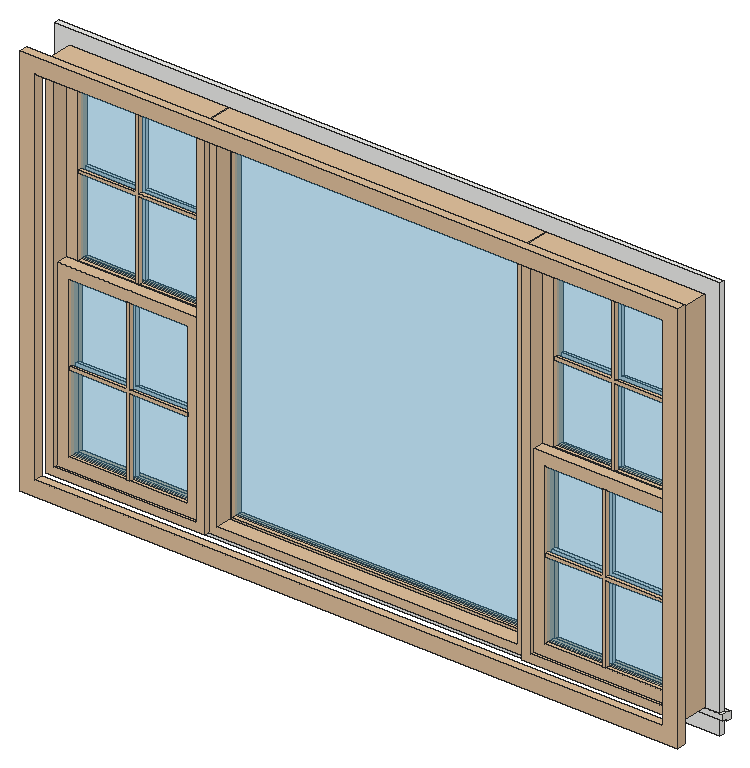
Revit family "Existing Living Room Front Window", category Windows, host Wall, Revit 2021
Family settings
  Host = Wall
  Always vertical = Yes
  Cut with Voids When Loaded = No
  Shared = No
  Room Calculation Point = No
Parameters (values of type "(2) 2'-0" x 4'-8" DH + 4'-0" x 4'-8" FX")
  Window Inset = 0' - 0 3/4"
  Top Muntin Visibility = yes
  Side Window Width = 2' - 0"
  Side Window Location = Middle Window Width / 2  # 2' - 0"
  Sash Material = Sash
  Rough Width = 0' - 0"
  Rough Height = 0' - 0"
  Interior Trim Visibility [instance] = yes
  Interior Trim = Trim-Window-Interior-Flat : Picture Frame
  Fixed Muntin Visibility = no
  Middle Window Width = 4' - 0"
  Interior Trim Material = Wood - Stained
  Interior Frame Material = Wood - Stained
  Height = 4' - 8"
  Glass Pane Material = Glass
  Exterior Trim Visibility [instance] = yes
  Exterior Trim Material = Clad - White
  Exterior Trim = Trim-Window-Exterior-Flat : with Sill
  Exterior Frame Material = Clad - White
  Define Thermal Properties by = Schematic Type
  Default Sill Height = 3' - 0"
  Wall Closure = By host
  Width = (Side Window Width * 2) + Middle Window Width  # 8' - 0"
  Bottom Muntin Visibility = yes
  Analytic Construction = "<None>"
Reference planes (in)
  plane 1 "Center (Front/Back)": y = 0
  plane 2: z = 0
  plane 3 "Center (Left/Right)": x = 0
  plane 4 "Left": x = -48
  plane 5 "Right": x = 48
  plane 6 "Sill": z = 36
  plane 7 "Top": z = 92
Text (in)
  text "EXTERIOR" at (-58.6888, 50.90694, 0), in view "Ref. Level"
  text "INTERIOR" at (-58.6888, -37.76638, 0), in view "Ref. Level"
  text "Exterior" at (0, 43.65631, 123.19604), in view "Left"
  text "Exterior" at (0, 18.29385, 125.04747), in view "Right"
Dimensions and locks (in)
  "Height": plane 6 "Sill" to plane 7 "Top"
  "Default Sill Height": plane 2 to plane 6 "Sill"
  equal spacing: plane 4 "Left", plane 3 "Center (Left/Right)", plane 5 "Right"
  "Width": plane 4 "Left" to plane 5 "Right"
  plane 4 "Left" to plane 5 "Right" = 8' - 0"
  "Side Window Location": nested 5 to plane 3 "Center (Left/Right)"
  "Side Window Location": plane 3 "Center (Left/Right)" to nested 2
  aligned and locked: plane 7 "Top" to nested 8
  aligned and locked: plane 7 "Top" to nested 9
  aligned and locked: plane 3 "Center (Left/Right)" to nested 9
  aligned and locked: nested 8 to plane 3 "Center (Left/Right)"
Nested families (in)
  nested 1: "Window-Fixed" at (0, 0, 0) x (-1, 0, 0) z (0, 0, 1), type "Standard"
    with Window Inset 0' - 0", Interior Wall Closure 0' - 2 1/4", Interior Trim Visibility no, Frame Extension 0' - 0 1/4", Exterior Wall Closure 0' - 1 1/4", Exterior Trim Visibility no, Rough Width 4' - 0 1/2", Rough Height 4' - 8 1/2", Muntin Visibility no, Height 4' - 8", Extension Jamb Visibility no, Width 4' - 0"
  nested 2: "Window-Double-Hung" at (36, 0, 0) x (-1, 0, 0) z (0, 0, 1), type "Standard"
    with Window Inset 0' - 0", Interior Wall Closure 0' - 1 1/2", Interior Trim Visibility no, Indicator Visibility yes, Frame Extension 0' - 1 1/4", Exterior Wall Closure 0' - 0 1/2", Exterior Trim Visibility no, Muntin Width 1' - 6", Muntin Height 2' - 0 1/8", Rough Width 2' - 0 1/2", Rough Height 4' - 8 1/2", Extension Jamb Visibility no, Height 4' - 8", Width 2' - 0"
  nested 3: "Muntin Pattern_2x2" at (36, 1.625, 64.875) x (-1, 0, 0) z (0, 0, 1), type "Muntin Pattern_2x2"
    with Width 1' - 6", Interior Material Wood - Stained, Height 2' - 0 1/8", Exterior Material Clad - White
  nested 4: "Muntin Pattern_2x2" at (36, -0.125, 39) x (-1, 0, 0) z (0, 0, 1), type "Muntin Pattern_2x2"
    with Width 1' - 6", Interior Material Wood - Stained, Height 2' - 0 1/8", Exterior Material Clad - White
  nested 5: "Window-Double-Hung" at (-36, 0, 0) x (-1, 0, 0) z (0, 0, 1), type "Standard"
    with Window Inset 0' - 0", Interior Wall Closure 0' - 1 1/2", Interior Trim Visibility no, Indicator Visibility yes, Frame Extension 0' - 1 1/4", Exterior Wall Closure 0' - 0 1/2", Exterior Trim Visibility no, Muntin Width 1' - 6", Muntin Height 2' - 0 1/8", Rough Width 2' - 0 1/2", Rough Height 4' - 8 1/2", Extension Jamb Visibility no, Height 4' - 8", Width 2' - 0"
  nested 6: "Muntin Pattern_2x2" at (-36, 1.625, 64.875) x (-1, 0, 0) z (0, 0, 1), type "Muntin Pattern_2x2"
    with Width 1' - 6", Interior Material Wood - Stained, Height 2' - 0 1/8", Exterior Material Clad - White
  nested 7: "Muntin Pattern_2x2" at (-36, -0.125, 39) x (-1, 0, 0) z (0, 0, 1), type "Muntin Pattern_2x2"
    with Width 1' - 6", Interior Material Wood - Stained, Height 2' - 0 1/8", Exterior Material Clad - White
  nested 8: "Trim-Window-Exterior-Flat" at (0, 3, 92) x (-1, 0, 0) z (0, 1, 0), visible <- "Exterior Trim Visibility", Trim Material <- "Exterior Trim Material", Opening Width <- "Width", Opening Height <- "Height", type <- "Exterior Trim", type "with Sill"
    with Trim Material Clad - White, Opening Width 8' - 0", Opening Height 4' - 8"
  nested 9: "Trim-Window-Interior-Flat" at (0, -3, 92) x (1, 0, 0) z (0, -1, 0), visible <- "Interior Trim Visibility", Trim Material <- "Interior Trim Material", Opening Width <- "Width", Opening Height <- "Height", type <- "Interior Trim", type "Picture Frame"
    with Trim Material Wood - Stained, Opening Width 8' - 0", Opening Height 4' - 8"
Definition of nested family "Window-Fixed"
  Parameters (values of type "24" x 36"")
    Window Inset [instance] = 0' - 0"
    Wall Thickness [instance] = 0' - 6"
    Visual Light Transmittance = 0.81
    Thermal Resistance (R) = 1.8146 (h·ft²·°F)/BTU
    Solar Heat Gain Coefficient = 0.76
    Rough Width = Width + 0' 0 1/2"  # 2' - 0 1/2"
    Rough Height = Height + 0' 0 1/2"  # 3' - 0 1/2"
    Muntin Visibility = yes
    Muntin Pattern = Muntin Pattern_2x2 : Muntin Pattern_2x2
    Interior Wall Closure [instance] = 0' - 2 1/4"
    Interior Trim Visibility [instance] = yes
    Interior Trim Material = none
    Interior Trim = Trim-Window-Interior-Flat : Picture Frame
    Height = 3' - 0"
    Interior Frame Material = none
    Heat Transfer Coefficient (U) = 0.5511 BTU/(h·ft²·°F)
    Glass Panel Material = none
    Frame Extension [instance] = if(Exterior Trim Visibility, Window Inset + 0' 0 1/4", 0' 0 1/4")  # 0' - 0 1/4"
    Fire Rating = "0.5h"
    Exterior Wall Closure [instance] = 0' - 1 1/4"
    Exterior Trim Visibility [instance] = yes
    Exterior Trim Material = none
    Exterior Trim = Trim-Window-Exterior-Flat : with Sill
    Exterior Frame Material = none
    Extension Jamb Visibility [instance] = and(Interior Trim Visibility, Wall Thickness - Window Inset > 0' 3 3/4")  # yes
    Extension Jamb [instance] = if(Wall Thickness - Window Inset > 0' 3 3/4", Wall Thickness - Window Inset - 0' 3 3/4", 0' 1")  # 0' - 2 1/4"
    Default Sill Height = 3' - 0"
    Wall Closure = (empty or 0)
    Width = 2' - 0"
    Assembly Code = "B2020100"
    Analytic Construction = "Double glazing - domestic"
  Reference planes (in)
    plane 1 "Center (Front/Back)": y = 0
    plane 2: z = 0
    plane 3 "Center (Left/Right)": x = 0
    plane 4 "Left": x = -12
    plane 5 "Right": x = 12
    plane 6 "Sill": z = 36
    plane 7 "Top": z = 72
    plane 8 "Inset Face": y = 3
    plane 9 "Wall Closure": y = -0.75
    plane 10 "Sash Face": y = 3.5
    plane 11 "Exterior": y = 3
    plane 12: x = 11.5
    plane 13: x = -11.5
    plane 14: z = 71.5
    plane 15: z = 36.5
    plane 16: y = 2.25
    plane 17 "Glass": y = 2.625
    plane 18: y = 3.75
    plane 19: y = 3.75
    plane 20 "Interior": y = -3
    plane 21 "Jamb": y = -0.75
    plane 22 "Middle": z = 54
    plane 23: z = 54
    plane 24: x = 10.75
    plane 25: x = 10.5
    plane 26: x = -10.5
    plane 27: x = 10.5
    plane 28: z = 70.5
    plane 29: z = 37.5
    plane 30: y = -0.75
    plane 31: y = 1.75
    plane 32: y = 3.75
  Forms (in)
    Sweep 1, solid, material <- "Interior Frame Material"
      path origin (0, 3.5, 0) x (-1, 0, 0) y (0, 0, 1)
        loop
          line (-12, 36) -> (12, 36) -> (12, 72) -> (-12, 72) -> (-12, 36)
      profile origin (12, 3.5, 54) x (1, 0, 0) y (0, 1, 0)
        loop
          line (0, 0.25) -> (-0.5, 0.25) -> (-0.5, -1.75) -> (-1.25, -1.75) -> (-1.25, -4.25) -> (0, -4.25) -> (0, 0.25)
    Extrusion 2, solid, material <- "Interior Frame Material", visible <- "Extension Jamb Visibility"
      sketch origin (0, 0, 0) x (1, 0, 0) y (0, 0, 1)
        loop
          line (12, 72) -> (-12, 72) -> (-12, 36) -> (12, 36) -> (12, 72)
        loop
          line (11.5, 36.5) -> (11.5, 71.5) -> (-11.5, 71.5) -> (-11.5, 36.5) -> (11.5, 36.5)
      from 0.75 to 3
    Sweep 3, solid, material <- "Interior Frame Material"
      path origin (0, 3.5, 0) x (-1, 0, 0) y (0, 0, 1)
        loop
          line (-11.5, 71.5) -> (-11.5, 36.5) -> (11.5, 36.5) -> (11.5, 71.5) -> (-11.5, 71.5)
      profile origin (11.5, 3.5, 54) x (0, 1, 0) y (-1, 0, 0)
        loop
          line (0, 0) -> (0, 1) -> (-1.75, 1) -> (-1.75, 0) -> (0, 0)
    Extrusion 4, solid, material <- "Glass Panel Material"
      sketch origin (0, 0, 36) x (0, -1, 0) y (1, 0, 0)
        loop
          line (-3, -10.5) -> (-2.75, -10.5) -> (-2.75, 10.5) -> (-3, 10.5) -> (-3, -10.5)
        loop
          line (-2.25, 10.5) -> (-2.5, 10.5) -> (-2.5, -10.5) -> (-2.25, -10.5) -> (-2.25, 10.5)
      from 1.5 to 34.5
  Lines and regions (in)
    Opening 1
      outline origin (-60, -3, 0) x (1, 0, 0) y (0, 0, 1)
        loop
          line (48, 72) -> (48, 36) -> (72, 36) -> (72, 72) -> (48, 72)
    Split face 1
      outline origin (10.5, 3.5, 37.5) x (-1, 0, 0) y (0, -1, 0)
        loop
          line (21, 0.5) -> (0, 0.5)
    Split face 2
      outline origin (10.5, 3.5, 70.5) x (0, 0, -1) y (0, -1, 0)
        loop
          line (0, 0.5) -> (33, 0.5)
    Split face 3
      outline origin (-10.5, 3.5, 37.5) x (0, 0, 1) y (0, -1, 0)
        loop
          line (33, 0.5) -> (0, 0.5)
    Split face 4
      outline origin (-10.5, 3.5, 70.5) x (0, -1, 0) y (1, 0, 0)
        loop
          line (0.5, 0) -> (0.5, 21)
    Split face 5
      outline origin (11.5, 1.75, 36.5) x (0, 0, 1) y (0, 1, 0)
        loop
          line (35, 1.25) -> (0, 1.25)
    Split face 6
      outline origin (-11.5, 1.75, 36.5) x (1, 0, 0) y (0, 1, 0)
        loop
          line (0, 1.25) -> (23, 1.25)
    Split face 7
      outline origin (-11.5, 1.75, 71.5) x (0, 0, -1) y (0, 1, 0)
        loop
          line (35, 1.75) -> (0, 1.75)
    Split face 8
      outline origin (11.5, 1.75, 71.5) x (0, 1, 0) y (-1, 0, 0)
        loop
          line (1.75, 0) -> (1.75, 23)
  Text (in)
    text "EXTERIOR" at (-58.6888, 50.90694, 0), in view "Ref. Level"
    text "INTERIOR" at (-58.6888, -37.76638, 0), in view "Ref. Level"
    text "Exterior" at (0, 43.65631, 123.19604), in view "Left"
    text "Exterior" at (0, 18.29385, 125.04747), in view "Right"
  Dimensions and locks (in)
    equal spacing: plane 4 "Left", plane 3 "Center (Left/Right)", plane 5 "Right"
    "Width": plane 4 "Left" to plane 5 "Right"
    "Height": plane 6 "Sill" to plane 7 "Top"
    "Default Sill Height": plane 2 to plane 6 "Sill"
    locked: plane 10 "Sash Face" to plane 8 "Inset Face" at 0.5
    "Wall Thickness": host wall to host wall
    "Window Inset": plane 11 "Exterior" to plane 8 "Inset Face"
    locked: Sweep 1 sketch curve to plane 5 "Right" at 0.5
    locked: plane 12 to plane 5 "Right" at 0.5
    locked: plane 4 "Left" to plane 13 at 0.5
    locked: plane 14 to plane 7 "Top" at 0.5
    locked: plane 6 "Sill" to plane 15 at 0.5
    plane 16 to Sweep 3 = 0' - 0 1/2"
    equal spacing: plane 8 "Inset Face", plane 17 "Glass", plane 16
    locked: plane 8 "Inset Face" to plane 16 at 0.75
    locked: plane 18 to plane 11 "Exterior" at 0.75
    locked: plane 19 to plane 10 "Sash Face" at 0.25
    "Extension Jamb": plane 21 "Jamb" to plane 20 "Interior"
    locked: plane 8 "Inset Face" to plane 9 "Wall Closure" at 3.75
    equal spacing: plane 6 "Sill", plane 23, plane 7 "Top"
    plane 24 to plane 5 "Right" = 0' - 1 1/4"
    plane 25 to plane 12 = 0' - 1"
    locked: plane 4 "Left" to plane 26 at 1.5
    locked: plane 7 "Top" to plane 28 at 1.5
    locked: plane 29 to plane 6 "Sill" at 1.5
    locked: plane 27 to plane 5 "Right" at 1.5
    level to host wall = 23' - 0"
    "Interior Wall Closure": plane 30 to plane 20 "Interior"
    "Exterior Wall Closure": plane 11 "Exterior" to plane 31
    "Frame Extension": plane 32 to plane 10 "Sash Face"
    aligned and locked: plane 7 "Top" to Opening 1 sketch curve
    aligned and locked: plane 6 "Sill" to Opening 1 sketch curve  (x2)
    aligned and locked: plane 5 "Right" to Opening 1 sketch curve
    aligned and locked: plane 4 "Left" to Opening 1 sketch curve
    aligned and locked: level to plane 2
    aligned and locked: host wall to plane 11 "Exterior"
    aligned and locked: plane 5 "Right" to Sweep 1 sketch curve
    aligned and locked: plane 7 "Top" to Sweep 1 sketch curve
    aligned and locked: Sweep 1 sketch curve to plane 4 "Left"
    aligned and locked: Sweep 1 sketch curve to plane 6 "Sill"
    aligned and locked: Extrusion 2 sketch curve to host wall  (x3)
    aligned and locked: plane 7 "Top" to Extrusion 2 sketch curve
    aligned and locked: host wall to Extrusion 2
    aligned and locked: Sweep 3 sketch curve to plane 12  (x2)
    aligned and locked: Sweep 3 sketch curve to plane 15
    aligned and locked: Split face 1 sketch curve to plane 8 "Inset Face"
    aligned and locked: plane 8 "Inset Face" to Split face 2 sketch curve
    aligned and locked: plane 8 "Inset Face" to Split face 3 sketch curve
    aligned and locked: Split face 4 sketch curve to plane 8 "Inset Face"
    aligned and locked: Extrusion 4 sketch curve to plane 8 "Inset Face"
    aligned and locked: Sweep 3 to Extrusion 4 sketch curve
    aligned and locked: Extrusion 4 sketch curve to plane 16
    aligned and locked: Extrusion 4 sketch curve to Sweep 3
    aligned and locked: plane 20 "Interior" to host wall
    aligned and locked: plane 21 "Jamb" to Extrusion 2
    aligned and locked: plane 9 "Wall Closure" to Sweep 1
    aligned and locked: nested 2 to plane 4 "Left"
    aligned and locked: plane 11 "Exterior" to nested 2
    aligned and locked: profile plane to Sweep 3 sketch curve
    aligned and locked: plane 13 to Sweep 3 sketch curve
    aligned and locked: plane 12 to Extrusion 2 sketch curve
    aligned and locked: Extrusion 2 sketch curve to plane 14
    aligned and locked: Extrusion 2 sketch curve to plane 13
    aligned and locked: plane 15 to Extrusion 2 sketch curve
    aligned and locked: plane 23 to plane 22 "Middle"
    aligned and locked: plane 14 to Sweep 3 sketch curve
    aligned and locked: Sweep 1 sketch curve to Sweep 3
    aligned and locked: Sweep 3 sketch curve to plane 25
    aligned and locked: Extrusion 4 sketch curve to plane 25  (x2)
    aligned and locked: Extrusion 4 to Sweep 3  (x2)
    aligned and locked: plane 8 "Inset Face" to Split face 5 sketch curve
    aligned and locked: Split face 6 sketch curve to plane 8 "Inset Face"
    aligned and locked: Split face 7 sketch curve to plane 10 "Sash Face"
    aligned and locked: plane 10 "Sash Face" to Split face 8 sketch curve
    aligned and locked: plane 7 "Top" to nested 2
    aligned and locked: nested 1 to plane 29
    aligned and locked: plane 15 to Extrusion 2
    aligned and locked: Extrusion 2 to plane 14
    aligned and locked: plane 17 "Glass" to nested 1
    aligned and locked: nested 1 to plane 28
    aligned and locked: plane 25 to nested 1
    aligned and locked: plane 26 to nested 1
    aligned and locked: plane 7 "Top" to nested 3
    aligned and locked: nested 3 to plane 3 "Center (Left/Right)"
    aligned and locked: plane 7 "Top" to nested 4
    aligned and locked: plane 3 "Center (Left/Right)" to nested 4
    aligned and locked: plane 32 to Sweep 1 sketch curve
  Automatic sketch dimensions
    Sweep 3 sketch curve to plane 10 "Sash Face" = 0' - 1 3/4"
    Split face 1 sketch curve to Sweep 3 = 0' - 0"  (x2)
    Sweep 3 to Split face 2 sketch curve = 0' - 0"
    Split face 2 sketch curve to Sweep 3 = 0' - 0"
    Split face 3 sketch curve to Sweep 3 = 0' - 0"
    Sweep 3 to Split face 3 sketch curve = 0' - 0"
    Split face 4 sketch curve to Sweep 3 = 0' - 0"  (x2)
    plane 17 "Glass" to Extrusion 4 sketch curve = 0' - 0 1/8"
    Extrusion 4 sketch curve to plane 17 "Glass" = 0' - 0 1/8"
    Sweep 1 sketch curve to profile plane = 0' - 0"
    profile plane to Sweep 1 sketch curve = 0' - 1 1/4"
    Sweep 1 sketch curve to plane 10 "Sash Face" = 0' - 4 1/4"
    Split face 5 sketch curve to Sweep 1 = 0' - 0"
    Sweep 1 to Split face 5 sketch curve = 0' - 0"
    Split face 6 sketch curve to Sweep 1 = 0' - 0"  (x2)
    Sweep 1 to Split face 7 sketch curve = 0' - 0"
    Split face 7 sketch curve to Sweep 1 = 0' - 0"
    Split face 8 sketch curve to Sweep 1 = 0' - 0"  (x2)
  Nested families (in)
    nested 1: "Muntin Pattern_2x2" at (0, 2.625, 37.5) x (-1, 0, 0) z (0, 0, 1), type <- "Muntin Pattern", Exterior Material <- "Exterior Frame Material", Interior Material <- "Interior Frame Material", visible <- "Muntin Visibility", type "Muntin Pattern_2x2"
      with Width 1' - 9", Interior Material none, Height 2' - 9", Exterior Material none
    nested 2: "Plan-Fixed" at (0, 3, 36) x (-1, 0, 0) z (0, 0, 1), Width <- "Width", Wall Thickness <- "Wall Thickness", Height <- "Height", Window Inset <- "Window Inset", type "Plan-Fixed"
      with Window Inset of 3D 0' - 0", Window Inset 0' - 0", Width 2' - 0", Wall Thickness 0' - 6", Height 3' - 0"
    nested 3: "Trim-Window-Exterior-Flat" at (0, 3, 72) x (-1, 0, 0) z (0, 1, 0), visible <- "Exterior Trim Visibility", Trim Material <- "Exterior Trim Material", Opening Width <- "Width", Opening Height <- "Height", type <- "Exterior Trim", type "with Sill"
      with Trim Material none, Opening Width 2' - 0", Opening Height 3' - 0"
    nested 4: "Trim-Window-Interior-Flat" at (0, -3, 72) x (1, 0, 0) z (0, -1, 0), visible <- "Interior Trim Visibility", Trim Material <- "Interior Trim Material", Opening Width <- "Width", Opening Height <- "Height", type <- "Interior Trim", type "Picture Frame"
      with Trim Material none, Opening Width 2' - 0", Opening Height 3' - 0"
  Definition of nested family "Muntin Pattern_2x2"
    Parameters (values of type "Muntin Pattern_2x2")
      Width [instance] = 4' - 0"
      Thickness = 0' - 0 1/2"
      Height [instance] = 4' - 0"
      Interior Material [instance] = none
      Exterior Material [instance] = none
      Distance = 0' - 0 3/4"
      Default Elevation = 0' - 0"
    Reference planes (in)
      plane 1 "Center (Front/Back)": y = 0
      plane 2: z = 0
      plane 3 "Center (Left/Right)": x = 0
      plane 4: z = 48
      plane 5: x = -24
      plane 6: x = 24
      plane 7: z = 24
      plane 8: y = 0.375
      plane 9: y = 0.875
      plane 10: y = -0.375
      plane 11: y = -0.875
    Forms (in)
      Extrusion 1, solid, material <- "Interior Material", detail levels fine
        sketch origin (0, 0, 0) x (1, 0, 0) y (0, 0, 1)
          loop
            line (-24, 24.25) -> (-24, 23.75) -> (-0.25, 23.75) -> (-0.25, 0) -> (0.25, 0) -> (0.25, 23.75) -> (24, 23.75) -> (24, 24.25) -> (0.25, 24.25) -> (0.25, 48) -> (-0.25, 48) -> (-0.25, 24.25) -> (-24, 24.25)
        from 0.375 to 0.875
      Extrusion 2, solid, material <- "Exterior Material", detail levels fine
        sketch origin (0, 0, 0) x (1, 0, 0) y (0, 0, -1)
          loop
            line (-24, -24.25) -> (-0.25, -24.25) -> (-0.25, -48) -> (0.25, -48) -> (0.25, -24.25) -> (24, -24.25) -> (24, -23.75) -> (0.25, -23.75) -> (0.25, 0) -> (-0.25, 0) -> (-0.25, -23.75) -> (-24, -23.75) -> (-24, -24.25)
        from 0.375 to 0.875
    Lines and regions (in)
      model lines, detail levels medium
        curve 1: line (0, 0.375, 48) -> (0, 0.375, 0)
        curve 2: line (-24, -0.375, 24) -> (24, -0.375, 24)
        curve 3: line (-24, 0.375, 24) -> (24, 0.375, 24)
        curve 4: line (0, -0.375, 48) -> (0, -0.375, 0)
    Dimensions and locks (in)
      equal spacing: plane 6, plane 3 "Center (Left/Right)", plane 5
      "Width": plane 6 to plane 5
      "Height": plane 4 to plane 2
      equal spacing: plane 4, plane 7, plane 2
      locked: plane 3 "Center (Left/Right)" to Extrusion 1 sketch curve at 0.25  (x4)
      locked: Extrusion 1 sketch curve to plane 7 at 0.25  (x2)
      locked: plane 7 to Extrusion 1 sketch curve at 0.25  (x2)
      "Thickness": plane 9 to plane 8
      "Thickness": plane 10 to plane 11
      "Distance": plane 8 to plane 10
      equal spacing: plane 8, plane 1 "Center (Front/Back)", plane 10
      aligned and locked: plane 2 to level
      aligned and locked: plane 4 to curve 1
      aligned and locked: plane 5 to curve 2
      aligned and locked: plane 2 to curve 1
      aligned and locked: plane 6 to curve 2
      aligned and locked: Extrusion 1 sketch curve to plane 4
      aligned and locked: Extrusion 1 sketch curve to plane 6
      aligned and locked: Extrusion 1 sketch curve to plane 5
      aligned and locked: Extrusion 1 sketch curve to level
      aligned and locked: Extrusion 1 to plane 11
      aligned and locked: plane 10 to Extrusion 1
      aligned and locked: Extrusion 2 to plane 5
      aligned and locked: plane 6 to Extrusion 2
      aligned and locked: Extrusion 2 to plane 8
      aligned and locked: plane 9 to Extrusion 2
      aligned and locked: Extrusion 2 to plane 2
      aligned and locked: plane 4 to Extrusion 2
      aligned and locked: plane 5 to curve 3
      aligned and locked: plane 6 to curve 3
      aligned and locked: plane 4 to curve 4
      aligned and locked: plane 2 to curve 4
      aligned and locked: plane 8 to curve 3
    Automatic sketch dimensions
      curve 2 to plane 7 = 0' - 0"
      Extrusion 2 sketch curve to plane 5 = 0' - 0"
      Extrusion 2 sketch curve to level = 0' - 0"
      Extrusion 2 sketch curve to plane 4 = 0' - 0"
      Extrusion 2 sketch curve to plane 6 = 0' - 0"
      Extrusion 2 sketch curve to plane 3 "Center (Left/Right)" = 0' - 0 1/4"  (x2)
      plane 3 "Center (Left/Right)" to Extrusion 2 sketch curve = 0' - 0 1/4"  (x2)
      plane 7 to Extrusion 2 sketch curve = 0' - 0 1/4"  (x2)
      Extrusion 2 sketch curve to plane 7 = 0' - 0 1/4"  (x2)
      curve 4 to plane 3 "Center (Left/Right)" = 0' - 0"
      curve 4 to level = 0' - 0"
      curve 4 to plane 4 = 0' - 0"
      curve 3 to plane 6 = 0' - 0"
      curve 1 to plane 3 "Center (Left/Right)" = 0' - 0"
      curve 3 to plane 5 = 0' - 0"
      curve 3 to plane 7 = 0' - 0"
  Definition of nested family "Trim-Window-Exterior-Flat"
    Parameters (values of type "with Sill")
      Trim Width = 0' - 2 1/4"
      Trim Thickness_Picture Frame = 0' - 1 1/4"
      Trim Thickness_with Sill = 0' - 0 3/4"
      Trim Material [instance] = none
      Sill Thickness = 0' - 1 1/4"
      Sill = yes
      Picture Frame = no
      Opening Width [instance] = 2' - 0"
      Opening Height [instance] = 3' - 0"
      Default Elevation = 4' - 0"
    Types (2): name | Sill | Picture Frame
      with Sill | yes | no
      Picture Frame | no | yes
    Reference planes (in)
      plane 1 "Center (Front/Back)": y = 0
      plane 2: z = 0
      plane 3 "Center (Left/Right)": x = 0
      plane 4: y = 2.25
      plane 5 "Left": x = -12
      plane 6 "Right": x = 12
      plane 7 "Bottom": y = -36
      plane 8: y = -37.25
      plane 9: y = -39.12332
      plane 10: x = 14.25
      plane 11: x = -14.25
      plane 12: z = 0.75
      plane 13: z = 1.25
      plane 14: x = 14.75
      plane 15: x = -14.75
      plane 16: y = -36.87332
      plane 17: y = -38.25
      plane 18: z = 0.5
      plane 19: y = -18
      plane 20: z = 1.5
    Forms (in)
      Extrusion 1, solid
        sketch origin (0, 0, 0) x (1, 0, 0) y (0, 1, 0)
          loop
            line (-14.25, 2.25) -> (-14.25, -39.12332) -> (14.25, -39.12332) -> (14.25, 2.25) -> (-14.25, 2.25)
        from 0 to -12
      Extrusion 2, solid, material <- "Trim Material", visible <- "Sill"
        sketch origin (0, 0, 0) x (1, 0, 0) y (0, 1, 0)
          loop
            line (-14.25, -36) -> (-12, -36) -> (-12, 0) -> (12, 0) -> (12, -36) -> (14.25, -36) -> (14.25, 2.25) -> (-14.25, 2.25) -> (-14.25, -36)
        from 0 to 0.75
      Extrusion 3, solid, material <- "Trim Material", visible <- "Sill"
        sketch origin (0, 0, 0) x (0, 1, 0) y (0, 0, 1)
          loop
            line (-36.09677, 1.5) -> (-37.25, 1.5) -> (-37.25, 0.75) -> (-36.87332, 0.75) -> (-36.87332, 0) -> (-36, 0) -> (-36, 0.75) -> (-36.09677, 1.5)
        from -14.75 to 14.75
      Extrusion 4, solid, material <- "Trim Material", visible <- "Sill"
        sketch origin (0, 0, 0) x (1, 0, 0) y (0, 1, 0)
          loop
            line (-14.25, -36.87332) -> (-14.25, -39.12332) -> (14.25, -39.12332) -> (14.25, -36.87332) -> (-14.25, -36.87332)
        from 0 to 0.75
      Extrusion 5, solid, material <- "Trim Material", visible <- "Picture Frame"
        sketch origin (0, 0, 0) x (1, 0, 0) y (0, 1, 0)
          loop
            line (-12, 0) -> (-12, -36) -> (12, -36) -> (12, 0) -> (-12, 0)
          loop
            line (-14.25, 2.25) -> (-14.25, -38.25) -> (14.25, -38.25) -> (14.25, 2.25) -> (-14.25, 2.25)
        from 0 to 1.25
    Dimensions and locks (in)
      equal spacing: plane 5 "Left", plane 3 "Center (Left/Right)", plane 6 "Right"
      "Opening Width": plane 5 "Left" to plane 6 "Right"
      "Opening Height": plane 7 "Bottom" to plane 1 "Center (Front/Back)"
      "Sill Thickness": plane 7 "Bottom" to plane 8
      "Trim Width": plane 11 to plane 5 "Left"
      "Trim Width": plane 6 "Right" to plane 10
      "Trim Width": plane 1 "Center (Front/Back)" to plane 4
      locked: plane 15 to plane 11 at 0.5
      locked: plane 10 to plane 14 at 0.5
      locked: plane 16 to plane 8 at 0.37668
      "Trim Width": plane 9 to plane 16
      "Trim Width": plane 17 to plane 7 "Bottom"
      locked: plane 18 to plane 2 at 0.5
      equal spacing: plane 7 "Bottom", plane 19, plane 1 "Center (Front/Back)"
      locked: plane 20 to plane 12 at 0.75
      "Trim Thickness_with Sill": plane 12 to plane 2
      "Trim Thickness_Picture Frame": plane 13 to plane 2
      aligned and locked: plane 2 to Extrusion 1
      aligned and locked: level to Extrusion 1
      aligned and locked: Extrusion 2 sketch curve to plane 5 "Left"
      aligned and locked: Extrusion 2 sketch curve to plane 11
      aligned and locked: plane 7 "Bottom" to Extrusion 2 sketch curve  (x2)
      aligned and locked: plane 1 "Center (Front/Back)" to Extrusion 2 sketch curve
      aligned and locked: plane 10 to Extrusion 2 sketch curve
      aligned and locked: Extrusion 2 sketch curve to plane 6 "Right"
      aligned and locked: plane 12 to Extrusion 2
      aligned and locked: Extrusion 3 sketch curve to level
      aligned and locked: plane 7 "Bottom" to Extrusion 3 sketch curve
      aligned and locked: Extrusion 3 sketch curve to plane 8
      aligned and locked: plane 15 to Extrusion 3
      aligned and locked: Extrusion 3 to plane 14
      aligned and locked: plane 10 to Extrusion 4 sketch curve
      aligned and locked: Extrusion 4 sketch curve to plane 11
      aligned and locked: plane 16 to Extrusion 4 sketch curve
      aligned and locked: plane 9 to Extrusion 4 sketch curve
      aligned and locked: Extrusion 4 to Extrusion 2
      aligned and locked: Extrusion 2 sketch curve to plane 4
      aligned and locked: plane 1 "Center (Front/Back)" to Extrusion 5 sketch curve
      aligned and locked: Extrusion 5 sketch curve to plane 4
      aligned and locked: Extrusion 5 sketch curve to plane 17
      aligned and locked: plane 7 "Bottom" to Extrusion 5 sketch curve
      aligned and locked: Extrusion 5 sketch curve to plane 6 "Right"
      aligned and locked: plane 10 to Extrusion 5 sketch curve
      aligned and locked: Extrusion 5 sketch curve to plane 5 "Left"
      aligned and locked: Extrusion 5 sketch curve to plane 11
      aligned and locked: plane 13 to Extrusion 5
      aligned and locked: plane 20 to Extrusion 3
    Automatic sketch dimensions
      Extrusion 1 sketch curve to Extrusion 1 sketch curve = 2' - 4 1/2"
      Extrusion 1 sketch curve to Extrusion 1 sketch curve = 3' - 5.37332"
      Extrusion 3 sketch curve to plane 16 = 0' - 0"
      Extrusion 3 sketch curve to plane 12 = 0' - 0"  (x2)
      Extrusion 3 sketch curve to plane 7 "Bottom" = 0' - 0.09677"
      plane 13 to Extrusion 3 sketch curve = 0' - 0 1/4"
  Definition of nested family "Trim-Window-Interior-Flat"
    Parameters (values of type "with Sill")
      Trim Thickness_Picture Frame = 0' - 1 1/4"
      Trim Width = 0' - 2 1/4"
      Trim Thickness_with Sill = 0' - 0 3/4"
      Trim Material [instance] = none
      Sill Thickness = 0' - 1 1/4"
      Sill = yes
      Picture Frame = no
      Opening Width [instance] = 2' - 0"
      Opening Height [instance] = 3' - 0"
      Default Elevation = 4' - 0"
    Types (2): name | Sill | Picture Frame
      with Sill | yes | no
      Picture Frame | no | yes
    Reference planes (in)
      plane 1 "Center (Front/Back)": y = 0
      plane 2: z = 0
      plane 3 "Center (Left/Right)": x = 0
      plane 4: y = 1.75
      plane 5 "Left": x = -12
      plane 6 "Right": x = 12
      plane 7 "Bottom": y = -36
      plane 8: y = -37.25
      plane 9: y = -39.12332
      plane 10: x = 13.75
      plane 11: x = -13.75
      plane 12: z = 0.75
      plane 13: z = 1.25
      plane 14: x = 14.25
      plane 15: x = -14.25
      plane 16: y = -36.87332
      plane 17: y = -37.75
      plane 18: z = 0.5
      plane 19: x = -11.5
      plane 20: y = -0.5
      plane 21: x = 11.5
      plane 22: y = -35.5
      plane 23: x = -13.25
      plane 24: x = 13.25
      plane 25: y = -18
    Forms (in)
      Extrusion 1, solid
        sketch origin (0, 0, 0) x (1, 0, 0) y (0, 1, 0)
          loop
            line (-13.75, 1.75) -> (-13.75, -37.75) -> (13.75, -37.75) -> (13.75, 1.75) -> (-13.75, 1.75)
        from 0 to -12
      Extrusion 2, solid, material <- "Trim Material", visible <- "Sill"
        sketch origin (0, 0, 0) x (1, 0, 0) y (0, 1, 0)
          loop
            line (-13.25, -36) -> (-11.5, -36) -> (-11.5, 0) -> (11.5, 0) -> (11.5, -36) -> (13.25, -36) -> (13.25, 1.75) -> (-13.25, 1.75) -> (-13.25, -36)
        from 0 to 0.75
      Extrusion 3, solid, material <- "Trim Material", visible <- "Sill"
        sketch origin (0, 0, 0) x (0, 1, 0) y (0, 0, 1)
          loop
            line (-36.5, 1.5) -> (-36.87332, 1.5) -> (-36.87332, 0) -> (-36, 0) -> (-36, 1)
            arc (-36, 1) -> (-36.14645, 1.35355) -> (-36.5, 1.5) r 0.5
        from -13.75 to 13.75
      Extrusion 4, solid, material <- "Trim Material", visible <- "Sill"
        sketch origin (0, 0, 0) x (1, 0, 0) y (0, 1, 0)
          loop
            line (-13.25, -36.87332) -> (-13.25, -39.12332) -> (13.25, -39.12332) -> (13.25, -36.87332) -> (-13.25, -36.87332)
        from 0 to 0.75
      Extrusion 5, solid, material <- "Trim Material", visible <- "Picture Frame"
        sketch origin (0, 0, 0) x (1, 0, 0) y (0, 1, 0)
          loop
            line (-11.5, -0.5) -> (-11.5, -35.5) -> (11.5, -35.5) -> (11.5, -0.5) -> (-11.5, -0.5)
          loop
            line (-13.75, 1.75) -> (-13.75, -37.75) -> (13.75, -37.75) -> (13.75, 1.75) -> (-13.75, 1.75)
        from 0 to 1.25
    Dimensions and locks (in)
      equal spacing: plane 5 "Left", plane 3 "Center (Left/Right)", plane 6 "Right"
      "Opening Width": plane 5 "Left" to plane 6 "Right"
      "Opening Height": plane 7 "Bottom" to plane 1 "Center (Front/Back)"
      "Sill Thickness": plane 7 "Bottom" to plane 8
      "Trim Width": plane 11 to plane 19
      "Trim Width": plane 21 to plane 10
      "Trim Width": plane 20 to plane 4
      "Trim Thickness_with Sill": plane 12 to plane 2
      locked: plane 15 to plane 11 at 0.5
      locked: plane 10 to plane 14 at 0.5
      locked: plane 16 to plane 8 at 0.37668
      "Trim Width": plane 9 to plane 16
      "Trim Width": plane 17 to plane 22
      plane 20 to plane 1 "Center (Front/Back)" = 0' - 0 1/2"
      plane 5 "Left" to plane 19 = 0' - 0 1/2"
      plane 21 to plane 6 "Right" = 0' - 0 1/2"
      plane 22 to plane 7 "Bottom" = 0' - 0 1/2"
      locked: plane 11 to plane 23 at 0.5
      locked: plane 24 to plane 10 at 0.5
      equal spacing: plane 7 "Bottom", plane 25, plane 1 "Center (Front/Back)"
      "Trim Thickness_Picture Frame": plane 13 to plane 2
      locked: Extrusion 3 to plane 12 at 0.75
      locked: plane 12 to Extrusion 3 sketch curve at 0.75
      radius of Extrusion 3 sketch curve = 0' - 0 1/2"
      aligned and locked: plane 2 to Extrusion 1
      aligned and locked: level to Extrusion 1
      aligned and locked: plane 7 "Bottom" to Extrusion 2 sketch curve  (x2)
      aligned and locked: plane 1 "Center (Front/Back)" to Extrusion 2 sketch curve
      aligned and locked: plane 12 to Extrusion 2
      aligned and locked: Extrusion 3 sketch curve to level
      aligned and locked: plane 7 "Bottom" to Extrusion 3 sketch curve
      aligned and locked: plane 16 to Extrusion 4 sketch curve
      aligned and locked: plane 9 to Extrusion 4 sketch curve
      aligned and locked: Extrusion 2 sketch curve to plane 4
      aligned and locked: Extrusion 5 sketch curve to plane 4
      aligned and locked: Extrusion 5 sketch curve to plane 17
      aligned and locked: plane 10 to Extrusion 5 sketch curve
      aligned and locked: Extrusion 5 sketch curve to plane 11
      aligned and locked: plane 13 to Extrusion 5
      aligned and locked: Extrusion 5 sketch curve to plane 20
      aligned and locked: Extrusion 5 sketch curve to plane 19
      aligned and locked: Extrusion 5 sketch curve to plane 21
      aligned and locked: plane 22 to Extrusion 5 sketch curve
      aligned and locked: Extrusion 4 to plane 24
      aligned and locked: plane 11 to Extrusion 3
      aligned and locked: Extrusion 3 to plane 10
      aligned and locked: Extrusion 2 sketch curve to plane 21
      aligned and locked: Extrusion 2 sketch curve to plane 24
      aligned and locked: Extrusion 2 sketch curve to plane 19
      aligned and locked: Extrusion 2 sketch curve to plane 23
      aligned and locked: plane 12 to Extrusion 4
    Automatic sketch dimensions
      Extrusion 1 sketch curve to Extrusion 1 sketch curve = 2' - 3 1/2"
      Extrusion 1 sketch curve to Extrusion 1 sketch curve = 3' - 3 1/2"
      Extrusion 3 sketch curve to plane 16 = 0' - 0"
      Extrusion 4 sketch curve to plane 11 = 0' - 0 1/2"
      Extrusion 4 sketch curve to plane 24 = 0' - 0"
  Definition of nested family "Plan-Fixed"
    Parameters (values of type "Plan-Fixed")
      Window Inset [instance] = 0' - 1"
      Window Inset of 3D [instance] = if(Window Inset - 0' 0 1/2" < 0' 0", 0' 0", if(Window Inset - 0' 0 1/2" < Wall Thickness - 0' 3 1/2", Window Inset - 0' 0 1/2", Wall Thickness - 0' 3 1/2"))  # 0' - 0 1/2"
      Width [instance] = 4' - 0"
      Wall Thickness [instance] = 0' - 6"
      Height [instance] = 3' - 0"
      Default Elevation = 4' - 0"
      Analytic Construction = "<None>"
    Reference planes (in)
      plane 1 "Center (Front/Back)": y = 0
      plane 2: z = 0
      plane 3 "Center (Left/Right)": x = 0
      plane 4: x = -24
      plane 5: x = 24
      plane 6 "Jamb": y = -4
      plane 7: x = -23.5
      plane 8: x = -22.75
      plane 9: y = -0.5
      plane 10: y = -2.25
      plane 11: y = -1.375
      plane 12: x = -22.5
      plane 13: x = 23.5
      plane 14: x = 22.75
      plane 15: x = 22.5
      plane 16 "Window Inset": y = -1
      plane 17 "Wall": y = -6
      plane 18: z = 36
      plane 19: z = 35.5
      plane 20: z = 0.5
      plane 21: z = 34.75
      plane 22: z = 1.25
      plane 23: z = 34.5
      plane 24: z = 1.5
    Lines and regions (in)
      Masking region 1
        outline origin (0, 0.75, 0) x (1, 0, 0) y (0, 1, 0)
          loop
            line (-24, -6.75) -> (24, -6.75) -> (24, -0.75) -> (-24, -0.75) -> (-24, -6.75)
      Masking region 2
        outline origin (0, 0, 0) x (0, 1, 0) y (0, 0, 1)
          loop
            line (-6, 36) -> (-6, 0) -> (0, 0) -> (0, 36) -> (-6, 36)
      symbolic lines
        curve 1: line (-23.5, -2.25, 0) -> (-22.75, -2.25, 0)
        curve 2: line (-22.75, -2.25, 0) -> (-22.75, -4, 0)
        curve 3: line (-23.5, -0.5, 0) -> (-23.5, -2.25, 0)
        curve 4: line (-24, -0.5, 0) -> (-22.5, -0.5, 0)
        curve 5: line (-22.5, -0.5, 0) -> (-22.5, -2.25, 0)
        curve 6: line (-22.5, -2.25, 0) -> (-22.75, -2.25, 0)
        curve 7: line (-22.5, -1.375, 0) -> (22.5, -1.375, 0)
        curve 8: line (23.5, -2.25, 0) -> (22.75, -2.25, 0)
        curve 9: line (22.75, -2.25, 0) -> (22.75, -4, 0)
        curve 10: line (23.5, -0.5, 0) -> (23.5, -2.25, 0)
        curve 11: line (22.5, -0.5, 0) -> (22.5, -2.25, 0)
        curve 12: line (22.5, -2.25, 0) -> (22.75, -2.25, 0)
        curve 13: line (-24, -4, 0) -> (-22.75, -4, 0)
        curve 14: line (22.75, -4, 0) -> (24, -4, 0)
        curve 15: line (0, -0.5, 35.5) -> (0, -2.25, 35.5)
        curve 16: line (0, -2.25, 34.75) -> (0, -4, 34.75)
        curve 17: line (0, -4, 0) -> (0, -4, 1.25)
        curve 18: line (0, -0.5, 0.5) -> (0, -2.25, 0.5)
        curve 19: line (0, -2.25, 0.5) -> (0, -2.25, 1.5)
        curve 20: line (0, -2.25, 1.25) -> (0, -4, 1.25)
        curve 21: line (0, -0.5, 36) -> (0, -0.5, 34.5)
        curve 22: line (0, -0.5, 34.5) -> (0, -2.25, 34.5)
        curve 23: line (0, -2.25, 1.5) -> (0, -0.5, 1.5)
        curve 24: line (0, -1.375, 1.5) -> (0, -1.375, 34.5)
        curve 25: line (0, -2.25, 35.5) -> (0, -2.25, 34.5)
        curve 26: line (22.5, -0.5, 0) -> (24, -0.5, 0)
        curve 27: line (0, -4, 34.75) -> (0, -4, 36)
        curve 28: line (0, -0.5, 1.5) -> (0, -0.5, 0)
        curve 29: line (-22.5, -0.5, 0) -> (22.5, -0.5, 0)
        curve 30: line (22.75, -4, 0) -> (-22.75, -4, 0)
        curve 31: line (0, -0.5, 34.5) -> (0, -0.5, 1.5)
        curve 32: line (0, -4, 1.25) -> (0, -4, 34.75)
    Dimensions and locks (in)
      "Width": plane 4 to plane 5
      equal spacing: plane 4, plane 3 "Center (Left/Right)", plane 5
      plane 4 to plane 7 to plane 8 = 0' - 0 1/2" locked, 0' - 0 3/4" locked
      equal spacing: plane 9, plane 11, plane 10
      plane 5 to plane 13 to plane 14 = 0' - 0 1/2" locked, 0' - 0 3/4" locked
      locked: plane 9 to plane 16 "Window Inset" at 0.5
      locked: plane 9 to plane 10 at 1.75
      "Wall Thickness": plane 17 "Wall" to plane 1 "Center (Front/Back)"
      "Height": plane 18 to plane 2
      locked: plane 18 to plane 19 at 0.5
      locked: plane 20 to plane 2 at 0.5
      locked: plane 19 to plane 21 at 0.75
      locked: plane 22 to plane 20 at 0.75
      locked: plane 10 to plane 6 "Jamb" at 1.75
      "Window Inset of 3D": plane 9 to plane 1 "Center (Front/Back)"
      locked: plane 7 to plane 12 at 1
      locked: plane 15 to plane 13 at 1
      locked: plane 19 to plane 23 at 1
      locked: plane 24 to plane 20 at 1
      aligned and locked: plane 2 to level
      aligned and locked: curve 2 to plane 8
      aligned and locked: curve 1 to plane 10
      aligned and locked: plane 4 to Masking region 1 sketch curve
      aligned and locked: Masking region 1 sketch curve to plane 5
      aligned and locked: plane 14 to curve 9
      aligned and locked: Masking region 1 sketch curve to plane 17 "Wall"
      aligned and locked: curve 13 to plane 6 "Jamb"
      aligned and locked: curve 14 to plane 6 "Jamb"
      aligned and locked: plane 1 "Center (Front/Back)" to Masking region 1 sketch curve
      aligned and locked: Masking region 2 sketch curve to plane 18
      aligned and locked: plane 17 "Wall" to Masking region 2 sketch curve
      aligned and locked: level to Masking region 2 sketch curve
      aligned and locked: plane 6 "Jamb" to curve 17
      aligned and locked: plane 21 to curve 16
      aligned and locked: plane 19 to curve 15
      aligned and locked: plane 22 to curve 20
      aligned and locked: plane 10 to curve 19  (x2)
      aligned and locked: plane 20 to curve 18
      aligned and locked: curve 21 to plane 9
      aligned and locked: plane 23 to curve 22
      aligned and locked: curve 23 to plane 24
      aligned and locked: plane 11 to curve 24
      aligned and locked: plane 4 to curve 4
      aligned and locked: plane 5 to curve 26
      aligned and locked: plane 18 to curve 21
      aligned and locked: plane 9 to curve 15
      aligned and locked: plane 9 to curve 18
      aligned and locked: plane 2 to curve 28
      aligned and locked: plane 9 to curve 3
      aligned and locked: plane 9 to curve 10
      aligned and locked: curve 25 to plane 10
      aligned and locked: plane 19 to curve 25
      aligned and locked: plane 23 to curve 25
      aligned and locked: plane 2 to curve 17
      aligned and locked: curve 26 to plane 9
      aligned and locked: curve 4 to plane 9
      aligned and locked: curve 5 to plane 12
      aligned and locked: plane 15 to curve 11
      aligned and locked: curve 7 to plane 11
      aligned and locked: curve 12 to plane 10
      aligned and locked: plane 10 to curve 8
      aligned and locked: plane 6 "Jamb" to curve 27
    Automatic sketch dimensions
      Masking region 2 sketch curve to plane 1 "Center (Front/Back)" = 0' - 0"
      curve 13 to plane 4 = 0' - 0"
      curve 3 to plane 7 = 0' - 0"
      curve 10 to plane 13 = 0' - 0"
      curve 14 to plane 5 = 0' - 0"
      curve 18 to plane 20 = 0' - 0"
      curve 27 to plane 18 = 0' - 0"
Definition of nested family "Window-Double-Hung"
  Parameters (values of type "38" x 42"")
    Wall Thickness [instance] = 0' - 6"
    Window Inset [instance] = 0' - 0"
    Visual Light Transmittance = 0.81
    Top Muntin Visibility = yes
    Thermal Resistance (R) = 1.8146 (h·ft²·°F)/BTU
    Solar Heat Gain Coefficient = 0.76
    Muntin Width = Width - 0' 6"  # 2' - 8"
    Muntin Pattern = Muntin Pattern_2x2 : Muntin Pattern_2x2
    Muntin Height = 0.5 * (Height - 0' 6" - 0' 1 3/4")  # 1' - 5 1/8"
    Interior Wall Closure [instance] = 0' - 1 1/2"
    Interior Trim Material = none
    Interior Trim = Trim-Window-Interior-Flat : Picture Frame
    Rough Width = Width + 0' 0 1/2"  # 3' - 2 1/2"
    Rough Height = Height + 0' 0 1/2"  # 3' - 6 1/2"
    Indicator Visibility [instance] = yes
    Frame Extension [instance] = if(Exterior Trim Visibility, Window Inset + 0' 1 1/4", 0' 1 1/4")  # 0' - 1 1/4"
    Fire Rating = "0.5h"
    Exterior Wall Closure [instance] = 0' - 0 1/2"
    Exterior Trim Material = none
    Extension Jamb Visibility [instance] = and(Interior Trim Visibility, Wall Thickness - Window Inset > 0' 4 1/2")  # yes
    Interior Trim Visibility [instance] = yes
    Exterior Trim Visibility [instance] = yes
    Exterior Trim = Trim-Window-Exterior-Flat : with Sill
    Extension Jamb [instance] = if(Wall Thickness - Window Inset > 0' 4 1/2", Wall Thickness - Window Inset - 0' 4 1/2", 0' 1")  # 0' - 1 1/2"
    Define Thermal Properties by = 1
    Construction Type Id = "DG-DR"
    Heat Transfer Coefficient (U) = 0.5511 BTU/(h·ft²·°F)
    Bottom Muntin Visibility = yes
    Assembly Code = "B2020100"
    Glass Panel Material = none
    Height = 3' - 6"
    Exterior Frame Material = none
    Interior Frame Material = none
    Wall Closure = (empty or 0)
    Width = 3' - 2"
    Analytic Construction = "Double glazing - domestic"
  Reference planes (in)
    plane 1 "Center (Front/Back)": y = 0
    plane 2: z = 0
    plane 3 "Center": x = 0
    plane 4 "Left": x = -19
    plane 5 "Right": x = 19
    plane 6 "Sill": z = 36
    plane 7 "Top": z = 78
    plane 8 "Wall Face": y = 3
    plane 9: y = -3
    plane 10 "Middle": z = 57
    plane 11: z = 76.75
    plane 12: z = 37.25
    plane 13: x = 17.75
    plane 14: x = -17.75
    plane 15: x = 16
    plane 16: x = -16
    plane 17: z = 39
    plane 18: z = 75
    plane 19 "Wall Closure": y = -1.5
    plane 20: z = 77.375
    plane 21 "Frame Face": y = 3.75
    plane 22 "Sash 2": y = -1
    plane 23 "Sash Face 1": y = 2.5
    plane 24 "Inset Face": y = 3
    plane 25 "Sash 1": y = 0.75
    plane 26 "Glass 1": y = 1.625
    plane 27: z = 57.875
    plane 28: z = 56.125
    plane 29 "Glass 2": y = -0.125
    plane 30: y = -1.5
    plane 31: z = 47.5625
    plane 32: z = 66.4375
    plane 33: y = -1.5
    plane 34: y = 2.5
    plane 35: y = 3.75
  Forms (in)
    Extrusion 1, solid, material <- "Interior Frame Material", visible <- "Extension Jamb Visibility"
      sketch origin (0, -0.25, 0) x (-1, 0, 0) y (0, 0, 1)
        loop
          line (19, 78) -> (-19, 78) -> (-19, 36) -> (19, 36) -> (19, 78)
        loop
          line (18.25, 77.25) -> (-18.25, 77.25) -> (-18.25, 36.75) -> (18.25, 36.75) -> (18.25, 77.25)
      from -2.75 to -1.25
    Sweep 2, solid, material <- "Interior Frame Material"
      path origin (0, 2.5, 0) x (-1, 0, 0) y (0, 0, 1)
        loop
          line (-19, 36) -> (19, 36) -> (19, 78) -> (-19, 78) -> (-19, 36)
      profile origin (19, 2.5, 57) x (1, 0, 0) y (0, 1, 0)
        loop
          line (-1.25, 1.25) -> (-1.25, -4) -> (0, -4) -> (0, 1.25) -> (-1.25, 1.25)
    Sweep 3, solid, material <- "Interior Frame Material"
      path origin (0, 2.5, 0) x (-1, 0, 0) y (0, 0, 1)
        loop
          line (-17.75, 56.125) -> (17.75, 56.125) -> (17.75, 76.75) -> (-17.75, 76.75) -> (-17.75, 56.125)
      profile origin (17.75, 2.5, 66.4375) x (1, 0, 0) y (0, 1, 0)
        loop
          line (0, 0) -> (-1.75, 0) -> (-1.75, -1.75) -> (0, -1.75) -> (0, 0)
    Sweep 4, solid, material <- "Interior Frame Material"
      path origin (0, 0.75, 0) x (-1, 0, 0) y (0, 0, 1)
        loop
          line (-17.75, 37.25) -> (17.75, 37.25) -> (17.75, 57.875) -> (-17.75, 57.875) -> (-17.75, 37.25)
      profile origin (17.75, 0.75, 47.5625) x (1, 0, 0) y (0, 1, 0)
        loop
          line (0, 0) -> (-1.75, 0) -> (-1.75, -1.75) -> (0, -1.75) -> (0, 0)
    Extrusion 5, solid, material <- "Glass Panel Material"
      sketch origin (0, 0, 36) x (0, -1, 0) y (1, 0, 0)
        loop
          line (-2, -16) -> (-1.75, -16) -> (-1.75, 16) -> (-2, 16) -> (-2, -16)
        loop
          line (-1.5, 16) -> (-1.5, -16) -> (-1.25, -16) -> (-1.25, 16) -> (-1.5, 16)
      from 21.875 to 39
    Extrusion 6, solid, material <- "Glass Panel Material"
      sketch origin (0, 0, 0) x (1, 0, 0) y (0, 1, 0)
        loop
          line (-16, 0.25) -> (-16, 0) -> (16, 0) -> (16, 0.25) -> (-16, 0.25)
        loop
          line (16, -0.25) -> (-16, -0.25) -> (-16, -0.5) -> (16, -0.5) -> (16, -0.25)
      from 39 to 56.125
  Lines and regions (in)
    Opening 1
      outline origin (-60, -3, 0) x (1, 0, 0) y (0, 0, 1)
        loop
          line (79, 78) -> (41, 78) -> (41, 36) -> (79, 36) -> (79, 78)
    Split face 1
      outline origin (-16, -1, 39) x (1, 0, 0) y (0, 1, 0)
        loop
          line (0, 1) -> (32, 1)
    Split face 2
      outline origin (16, -1, 39) x (0, 0, 1) y (0, 1, 0)
        loop
          line (0, 1) -> (17.125, 1)
    Split face 3
      outline origin (-16, -1, 56.125) x (0, 0, -1) y (0, 1, 0)
        loop
          line (17.125, 1) -> (0, 1)
    Split face 4
      outline origin (16, -1, 56.125) x (0, 1, 0) y (-1, 0, 0)
        loop
          line (1, 0) -> (1, 32)
    Split face 5
      outline origin (-16, 0.75, 57.875) x (1, 0, 0) y (0, 1, 0)
        loop
          line (32, 0.75) -> (0, 0.75)
    Split face 6
      outline origin (-16, 0.75, 57.875) x (1, 0, 0) y (0, 1, 0)
        loop
          line (32, 1) -> (0, 1)
    Split face 7
      outline origin (16, 0.75, 57.875) x (0, 0, 1) y (0, 1, 0)
        loop
          line (0, 1) -> (17.125, 1)
    Split face 8
      outline origin (-16, 0.75, 75) x (0, 0, -1) y (0, 1, 0)
        loop
          line (17.125, 1) -> (0, 1)
    Split face 9
      outline origin (16, 0.75, 75) x (0, 1, 0) y (-1, 0, 0)
        loop
          line (1, 0) -> (1, 32)
    Split face 10
      outline origin (-17.75, -1.5, 37.25) x (1, 0, 0) y (0, 1, 0)
        loop
          line (0, 2.25) -> (35.5, 2.25)
    Split face 11
      outline origin (17.75, -1.5, 37.25) x (0, 0, 1) y (0, 1, 0)
        loop
          line (39.5, 4) -> (18.875, 4) -> (18.875, 2.25) -> (0, 2.25)
    Split face 12
      outline origin (-17.75, -1.5, 76.75) x (0, 0, -1) y (0, 1, 0)
        loop
          line (0, 4) -> (20.625, 4) -> (20.625, 2.25) -> (39.5, 2.25)
    Split face 13
      outline origin (17.75, -1.5, 76.75) x (0, 1, 0) y (-1, 0, 0)
        loop
          line (4, 0) -> (4, 35.5)
  Text (in)
    text "EXTERIOR" at (-58.6888, 30.41546, 0), in view "Ref. Level"
    text "INTERIOR" at (-58.6888, -28.32711, 0), in view "Ref. Level"
    text "Exterior" at (0, 43.65631, 134.44969), in view "Left"
    text "Exterior" at (0, 18.29385, 125.04747), in view "Right"
  Dimensions and locks (in)
    equal spacing: plane 4 "Left", plane 3 "Center", plane 5 "Right"
    "Width": plane 4 "Left" to plane 5 "Right"
    equal spacing: plane 6 "Sill", plane 10 "Middle", plane 7 "Top"
    "Height": plane 7 "Top" to plane 6 "Sill"
    locked: plane 5 "Right" to plane 13 at 1.25
    locked: plane 14 to plane 4 "Left" at 1.25
    locked: plane 11 to plane 7 "Top" at 1.25
    locked: plane 6 "Sill" to plane 12 at 1.25
    locked: plane 15 to plane 13 at 1.75
    locked: plane 14 to plane 16 at 1.75
    locked: plane 18 to plane 11 at 1.75
    locked: plane 12 to plane 17 at 1.75
    "Wall Thickness": host wall to host wall
    locked: plane 7 "Top" to plane 20 at 0.625
    locked: plane 21 "Frame Face" to plane 8 "Wall Face" at 0.75
    locked: plane 24 "Inset Face" to plane 23 "Sash Face 1" at 0.5
    "Window Inset": plane 8 "Wall Face" to plane 24 "Inset Face"
    locked: plane 23 "Sash Face 1" to plane 25 "Sash 1" at 1.75
    locked: plane 25 "Sash 1" to plane 22 "Sash 2" at 1.75
    equal spacing: plane 23 "Sash Face 1", plane 26 "Glass 1", plane 25 "Sash 1"
    equal spacing: plane 28, plane 10 "Middle", plane 27
    locked: plane 28 to plane 27 at 1.75
    locked: Extrusion 5 sketch curve to Extrusion 5 sketch curve at 0.25  (x3)
    equal spacing: Extrusion 5 sketch curve, plane 26 "Glass 1", Extrusion 5 sketch curve
    equal spacing: plane 25 "Sash 1", plane 29 "Glass 2", plane 22 "Sash 2"
    locked: Extrusion 6 sketch curve to Extrusion 6 sketch curve at 0.25  (x3)
    equal spacing: Extrusion 6 sketch curve, plane 29 "Glass 2", Extrusion 6 sketch curve
    locked: plane 22 "Sash 2" to plane 30 at 0.5
    "Extension Jamb": plane 19 "Wall Closure" to host wall
    locked: Extrusion 1 sketch curve to plane 5 "Right" at 0.75
    locked: Extrusion 1 sketch curve to plane 7 "Top" at 0.75
    locked: plane 4 "Left" to Extrusion 1 sketch curve at 0.75
    locked: plane 6 "Sill" to Extrusion 1 sketch curve at 0.75
    equal spacing: plane 27, plane 32, plane 18
    equal spacing: plane 17, plane 31, plane 28
    nested 2 to Extrusion 1 = 0' - 2 1/4"
    "Interior Wall Closure": plane 33 to plane 9
    "Exterior Wall Closure": plane 8 "Wall Face" to plane 34
    "Frame Extension": plane 35 to plane 23 "Sash Face 1"
    aligned and locked: plane 9 to host wall
    aligned and locked: host wall to plane 8 "Wall Face"
    aligned and locked: Opening 1 sketch curve to plane 4 "Left"
    aligned and locked: plane 7 "Top" to Opening 1 sketch curve
    aligned and locked: plane 5 "Right" to Opening 1 sketch curve
    aligned and locked: Opening 1 sketch curve to plane 6 "Sill"
    aligned and locked: plane 7 "Top" to Extrusion 1 sketch curve
    aligned and locked: Extrusion 1 sketch curve to plane 4 "Left"
    aligned and locked: plane 5 "Right" to Extrusion 1 sketch curve
    aligned and locked: Extrusion 1 sketch curve to plane 6 "Sill"
    aligned and locked: plane 19 "Wall Closure" to Extrusion 1
    aligned and locked: Sweep 2 sketch curve to host wall  (x3)
    aligned and locked: plane 5 "Right" to Sweep 2 sketch curve
    aligned and locked: plane 13 to Sweep 2 sketch curve
    aligned and locked: Sweep 3 sketch curve to plane 13
    aligned and locked: plane 14 to Sweep 3 sketch curve
    aligned and locked: Sweep 3 sketch curve to plane 11
    aligned and locked: Sweep 3 sketch curve to plane 25 "Sash 1"
    aligned and locked: plane 28 to Sweep 3 sketch curve
    aligned and locked: Sweep 4 sketch curve to plane 27
    aligned and locked: Sweep 4 sketch curve to plane 13
    aligned and locked: plane 14 to Sweep 4 sketch curve
    aligned and locked: plane 12 to Sweep 4 sketch curve
    aligned and locked: profile plane to Sweep 4 sketch curve
    aligned and locked: Sweep 4 sketch curve to profile plane
    aligned and locked: Sweep 4 sketch curve to plane 22 "Sash 2"
    aligned and locked: plane 15 to Sweep 4 sketch curve
    aligned and locked: plane 18 to Extrusion 5
    aligned and locked: Extrusion 6 sketch curve to plane 16
    aligned and locked: plane 16 to Extrusion 6 sketch curve
    aligned and locked: plane 15 to Extrusion 6 sketch curve
    aligned and locked: Extrusion 6 sketch curve to plane 15
    aligned and locked: plane 17 to Extrusion 6
    aligned and locked: plane 28 to Extrusion 6
    aligned and locked: Split face 1 sketch curve to Extrusion 6
    aligned and locked: Split face 2 sketch curve to Extrusion 6
    aligned and locked: Split face 3 sketch curve to Extrusion 6
    aligned and locked: Split face 4 sketch curve to Extrusion 6
    aligned and locked: plane 15 to Sweep 3 sketch curve
    aligned and locked: Extrusion 5 to plane 27
    aligned and locked: Extrusion 5 sketch curve to plane 16
    aligned and locked: plane 16 to Extrusion 5 sketch curve
    aligned and locked: plane 15 to Extrusion 5 sketch curve
    aligned and locked: Extrusion 5 sketch curve to plane 15
    aligned and locked: Split face 6 sketch curve to Extrusion 5
    aligned and locked: Split face 7 sketch curve to Extrusion 5
    aligned and locked: Split face 8 sketch curve to Extrusion 5
    aligned and locked: Split face 9 sketch curve to Extrusion 5
    aligned and locked: Split face 10 sketch curve to plane 25 "Sash 1"
    aligned and locked: plane 30 to Sweep 2 sketch curve
    aligned and locked: Extrusion 1 to plane 9
    aligned and locked: plane 25 "Sash 1" to Split face 11 sketch curve
    aligned and locked: Split face 11 sketch curve to plane 28
    aligned and locked: plane 23 "Sash Face 1" to Split face 11 sketch curve
    aligned and locked: Split face 12 sketch curve to plane 25 "Sash 1"
    aligned and locked: plane 28 to Split face 12 sketch curve
    aligned and locked: Split face 12 sketch curve to plane 23 "Sash Face 1"
    aligned and locked: plane 23 "Sash Face 1" to Split face 13 sketch curve
    aligned and locked: nested 3 to plane 8 "Wall Face"
    aligned and locked: plane 3 "Center" to nested 3
    aligned and locked: plane 31 to nested 4
    aligned and locked: plane 32 to nested 5
    aligned and locked: nested 3 to plane 7 "Top"
    aligned and locked: plane 27 to nested 1
    aligned and locked: nested 2 to plane 17
    aligned and locked: plane 3 "Center" to nested 5
    aligned and locked: nested 4 to plane 3 "Center"
    aligned and locked: nested 2 to plane 29 "Glass 2"
    aligned and locked: nested 1 to plane 26 "Glass 1"
    aligned and locked: plane 28 to nested 2
    aligned and locked: plane 18 to nested 1
    aligned and locked: nested 1 to plane 16
    aligned and locked: nested 1 to plane 15
    aligned and locked: nested 2 to plane 15
    aligned and locked: nested 2 to plane 16
    aligned and locked: plane 7 "Top" to nested 7
    aligned and locked: plane 3 "Center" to nested 7
    aligned and locked: plane 7 "Top" to nested 6
    aligned and locked: nested 6 to plane 3 "Center"
    aligned and locked: Sweep 2 sketch curve to plane 35
  Automatic sketch dimensions
    Split face 1 sketch curve to Sweep 4 = 0' - 0"  (x2)
    Split face 2 sketch curve to Sweep 4 = 0' - 0"
    Sweep 4 to Split face 2 sketch curve = 0' - 0"
    Sweep 4 to Split face 3 sketch curve = 0' - 0"
    Split face 3 sketch curve to Sweep 4 = 0' - 0"
    Split face 4 sketch curve to Sweep 4 = 0' - 0"  (x2)
    Sweep 3 sketch curve to profile plane = 0' - 0"
    Sweep 3 sketch curve to plane 23 "Sash Face 1" = 0' - 0"
    Split face 5 sketch curve to Sweep 3 = 0' - 0"  (x2)
    Split face 5 sketch curve to Sweep 3 = 0' - 0 3/4"
    Split face 6 sketch curve to Sweep 3 = 0' - 0"  (x2)
    Split face 7 sketch curve to Sweep 3 = 0' - 0"
    Sweep 3 to Split face 7 sketch curve = 0' - 0"
    Sweep 3 to Split face 8 sketch curve = 0' - 0"
    Split face 8 sketch curve to Sweep 3 = 0' - 0"
    Split face 9 sketch curve to Sweep 3 = 0' - 0"  (x2)
    Split face 10 sketch curve to Sweep 2 = 0' - 0"  (x2)
    Split face 11 sketch curve to Sweep 2 = 0' - 0"
    Sweep 2 to Split face 11 sketch curve = 0' - 0"
    Sweep 2 to Split face 12 sketch curve = 0' - 0"
    Split face 12 sketch curve to Sweep 2 = 0' - 0"
    Split face 13 sketch curve to Sweep 2 = 0' - 0"  (x2)
    Sweep 2 sketch curve to plane 7 "Top" = 0' - 0"
  Nested families (in)
    nested 1: "Muntin Pattern_2x2" at (0, 1.625, 57.875), Exterior Material <- "Exterior Frame Material", Interior Material <- "Interior Frame Material", type <- "Muntin Pattern", visible <- "Top Muntin Visibility", type "Muntin Pattern_2x2"
      with Width 2' - 8", Interior Material none, Height 1' - 5 1/8", Exterior Material none
    nested 2: "Muntin Pattern_2x2" at (0, -0.125, 39), Exterior Material <- "Exterior Frame Material", Interior Material <- "Interior Frame Material", type <- "Muntin Pattern", visible <- "Bottom Muntin Visibility", type "Muntin Pattern_2x2"
      with Width 2' - 8", Interior Material none, Height 1' - 5 1/8", Exterior Material none
    nested 3: "Plan-Double-Hung" at (0, 3, 36), Window Inset <- "Window Inset", Width <- "Width", Wall Thickness <- "Wall Thickness", Height <- "Height", type "Plan-Double-Hung"
      with Window Inset of 3D 0' - 0 1/2", Window Inset 0' - 0", Width 3' - 2", Wall Thickness 0' - 6", Height 3' - 6"
    nested 4: "Filled Arrow" at (0, 0.75, 47.5625) x (0, 0, 1) z (0, 1, 0), visible <- "Indicator Visibility", type "Filled Arrow"
    nested 5: "Filled Arrow" at (0, 0.75, 66.4375) x (0, 0, -1) z (0, 1, 0), visible <- "Indicator Visibility", type "Filled Arrow"
    nested 6: "Trim-Window-Exterior-Flat" at (0, 3, 78) x (-1, 0, 0) z (0, 1, 0), visible <- "Exterior Trim Visibility", Trim Material <- "Exterior Trim Material", Opening Width <- "Width", Opening Height <- "Height", type <- "Exterior Trim", type "with Sill"
      with Trim Material none, Opening Width 3' - 2", Opening Height 3' - 6"
    nested 7: "Trim-Window-Interior-Flat" at (0, -3, 78) x (1, 0, 0) z (0, -1, 0), visible <- "Interior Trim Visibility", Trim Material <- "Interior Trim Material", Opening Width <- "Width", Opening Height <- "Height", type <- "Interior Trim", type "Picture Frame"
      with Trim Material none, Opening Width 3' - 2", Opening Height 3' - 6"
  Definition of nested family "Muntin Pattern_2x2"
    Parameters (values of type "Muntin Pattern_2x2")
      Width [instance] = 4' - 0"
      Thickness = 0' - 0 1/2"
      Height [instance] = 4' - 0"
      Interior Material [instance] = none
      Exterior Material [instance] = none
      Distance = 0' - 0 3/4"
      Default Elevation = 0' - 0"
    Reference planes (in)
      plane 1 "Center (Front/Back)": y = 0
